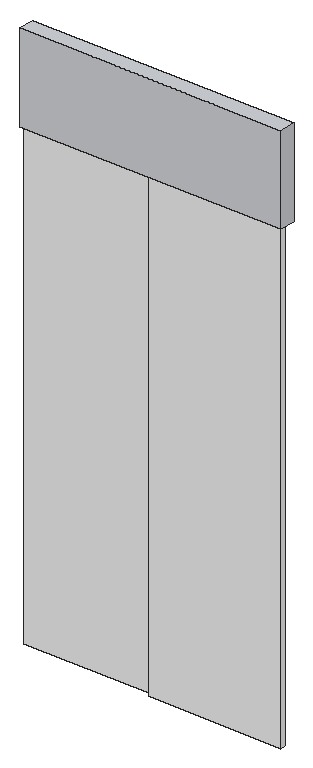
Revit family "Placard Portes Coulissantes", category Mobilier, Revit 2018
Family settings
  Numéro OmniClass = 23.40.20.00
  Titre OmniClass = General Furniture and Specialties
  Basée sur le plan de construction = Non
  Toujours verticalement = Oui
  Couper avec des vides une fois chargée = Non
  Partagée = Non
  Point de calcul de pièce = Oui
Parameters (values of type "Placard_Type")
  Vantail [instance] = Longueur / 2 + 10 mm  # 600 mm
  Matériau vantail = Bois - Panneau blanc
  Longueur [instance] = 1180 mm
  Imposte = none
  Hauteur imposte = 400 mm
  Hauteur brute [instance] = 2500 mm
  Hauteur = 2100 mm
  Epaisseur imposte = 70 mm
  Code_BI [instance] = "PLA"
Reference planes
  plane 1 "Centre (avant/arrière)": y = 0
  plane 2: z = 0
  plane 3 "Centre (gauche/droite)": x = 0
  plane 4: x = -590
  plane 5: x = 590
  plane 6: x = -10
  plane 7: x = 10
  plane 8: z = 2100
  plane 9: z = 2500
  plane 10: y = 20
  plane 11: y = 40
  plane 12: y = 70
Forms (mm)
  Extrusion 1, solid, material "Bois - Panneau blanc" <- "Matériau vantail"
    sketch origin (0, 0, 0) x (1, 0, 0) y (0, 1, 0)
      loop
        line (590, 0) -> (590, 20) -> (-10, 20) -> (-10, 0) -> (590, 0)
    from 0 to 2100
  Extrusion 2, solid, material "Bois - Panneau blanc" <- "Matériau vantail"
    sketch origin (0, 0, 0) x (1, 0, 0) y (0, 1, 0)
      loop
        line (-590, 20) -> (10, 20) -> (10, 40) -> (-590, 40) -> (-590, 20)
    from 0 to 2100
  Extrusion 3, solid, material <- "Imposte"
    sketch origin (-165, 0, 0) x (1, 0, 0) y (0, 1, 0)
      loop
        line (755, 0) -> (755, 70) -> (-425, 70) -> (-425, 0) -> (755, 0)
    from 2100 to 2500
Dimensions and locks
  plane 10 to plane 1 "Centre (avant/arrière)" = 20 mm
  plane 11 to plane 10 = 20 mm
  "Longueur": plane 4 to plane 5
  "Vantail": plane 4 to plane 7
  "Vantail": plane 6 to plane 5
  "Hauteur": plane 8 to level
  "Hauteur imposte": plane 9 to plane 8
  "Hauteur brute": plane 9 to level
  plane 3 "Centre (gauche/droite)" to Extrusion 1 = 590 mm
  "Epaisseur imposte": plane 1 "Centre (avant/arrière)" to plane 12
  aligned and locked: level to plane 2
  aligned and locked: Extrusion 1 sketch curve to plane 1 "Centre (avant/arrière)"
  aligned and locked: Extrusion 1 sketch curve to plane 5
  aligned and locked: Extrusion 1 sketch curve to plane 10
  aligned and locked: plane 6 to Extrusion 1 sketch curve
  aligned and locked: Extrusion 2 sketch curve to plane 10
  aligned and locked: Extrusion 2 sketch curve to plane 4
  aligned and locked: plane 11 to Extrusion 2 sketch curve
  aligned and locked: plane 7 to Extrusion 2 sketch curve
  aligned and locked: plane 8 to Extrusion 1
  aligned and locked: plane 8 to Extrusion 2
  aligned and locked: Extrusion 3 to plane 4
  aligned and locked: plane 5 to Extrusion 3
  aligned and locked: plane 9 to Extrusion 3
  aligned and locked: Extrusion 3 to plane 8
  aligned and locked: plane 12 to Extrusion 3
Automatic sketch dimensions
  plane 1 "Centre (avant/arrière)" to Extrusion 3 sketch curve = 0 mm
  plane 10 to Extrusion 3 sketch curve = 50 mm
  Extrusion 3 sketch curve to plane 6 = 580 mm
  Extrusion 3 sketch curve to plane 5 = 0 mm
